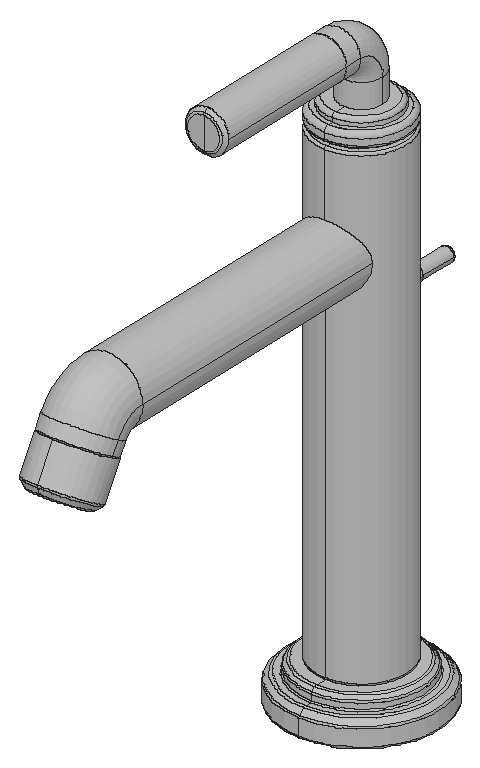
Revit family "Faucet-Lavatory-KALLISTA-PINNA_PALETTA-P26623", category Plumbing Fixtures, host Face, Revit 2022 (continued)
Definition of nested family "P26623"
  Lines and regions (in)
    symbolic lines, detail levels medium+fine
      curve 261: line (0, -2.59672, 0) -> (0.18988, -2.92561, 0)
      curve 262: line (0, -2.62192, 0) -> (0.17533, -2.92561, 0)
      curve 263: line (0, -2.65193, 0) -> (0.158, -2.92561, 0)
      curve 264: line (0, -2.67954, 0) -> (0.14206, -2.92561, 0)
      curve 265: line (0, -2.71155, 0) -> (0.12358, -2.92561, 0)
      curve 266: line (0, -2.74156, 0) -> (0.10626, -2.92561, 0)
      curve 267: line (0, -2.76757, 0) -> (0.09124, -2.92561, 0)
      curve 268: line (0, -2.79758, 0) -> (0.07391, -2.92561, 0)
      curve 269: line (0, -2.82482, 0) -> (0.05819, -2.92561, 0)
      curve 270: line (0.33465, 0, 0) -> (0.33465, -2.92561, 0)
      curve 271: line (-0.50339, -5.54417, 0) -> (-0.53001, -5.5708, 0)
      curve 272: line (-0.49649, -5.56467, 0) -> (-0.53001, -5.59819, 0)
      curve 273: line (-0.48946, -5.58314, 0) -> (-0.53001, -5.62369, 0)
      curve 274: line (-0.48138, -5.60216, 0) -> (-0.53001, -5.65079, 0)
      curve 275: line (-0.47277, -5.62042, 0) -> (-0.53001, -5.67767, 0)
      curve 276: line (-0.46463, -5.63618, 0) -> (-0.52825, -5.69981, 0)
      curve 277: line (-0.45417, -5.65473, 0) -> (-0.52551, -5.72607, 0)
      curve 278: line (-0.44349, -5.67203, 0) -> (-0.52181, -5.75035, 0)
      curve 279: line (-0.35775, -5.77404, 0) -> (-0.47546, -5.89175, 0)
      curve 280: line (-0.37174, -5.76064, 0) -> (-0.48418, -5.87308, 0)
      curve 281: line (-0.38432, -5.74772, 0) -> (-0.49176, -5.85516, 0)
      curve 282: line (-0.39721, -5.7335, 0) -> (-0.49922, -5.83551, 0)
      curve 283: line (-0.4095, -5.71892, 0) -> (-0.50597, -5.81539, 0)
      curve 284: line (-0.42002, -5.70553, 0) -> (-0.51138, -5.7969, 0)
      curve 285: line (-0.43225, -5.68877, 0) -> (-0.51714, -5.77366, 0)
      curve 286: line (-0.44349, -5.67203, 0) -> (-0.52181, -5.75035, 0)
      curve 287: line (-0.1104, -5.90219, 0) -> (-0.30161, -6.09339, 0)
      curve 288: line (-0.13255, -5.89694, 0) -> (-0.31752, -6.08192, 0)
      curve 289: line (-0.15246, -5.89136, 0) -> (-0.33189, -6.07078, 0)
      curve 290: line (-0.17293, -5.88472, 0) -> (-0.34668, -6.05847, 0)
      curve 291: line (-0.19255, -5.87747, 0) -> (-0.36087, -6.04578, 0)
      curve 292: line (-0.20948, -5.8705, 0) -> (-0.37307, -6.03409, 0)
      curve 293: line (-0.22937, -5.86139, 0) -> (-0.38735, -6.01937, 0)
      curve 294: line (-0.25574, -5.85978, 0) -> (-0.33406, -5.9381, 0)
      curve 295: line (-0.35775, -5.77404, 0) -> (-0.47546, -5.89175, 0)
      curve 296: line (-0.34325, -5.78693, 0) -> (-0.46615, -5.90983, 0)
      curve 297: line (-0.3293, -5.79848, 0) -> (-0.45696, -5.92614, 0)
      curve 298: line (-0.31398, -5.81026, 0) -> (-0.44665, -5.94293, 0)
      curve 299: line (-0.29829, -5.82144, 0) -> (-0.43589, -5.95905, 0)
      curve 300: line (-0.2839, -5.83096, 0) -> (-0.42592, -5.97297, 0)
      curve 301: line (-0.2659, -5.84196, 0) -> (-0.41329, -5.98935, 0)
      curve 302: line (-0.24794, -5.85197, 0) -> (-0.40058, -6.00462, 0)
      curve 303: line (-0.1104, -5.90219, 0) -> (-0.30161, -6.09339, 0)
      curve 304: line (-0.0874, -5.90658, 0) -> (-0.28517, -6.10435, 0)
      curve 305: line (-0.06515, -5.90983, 0) -> (-0.26938, -6.11406, 0)
      curve 306: line (-0.04053, -5.91231, 0) -> (-0.25206, -6.12384, 0)
      curve 307: line (-0.015, -5.91365, 0) -> (-0.23432, -6.13298, 0)
      curve 308: line (0, -5.92256, 0) -> (-0.21807, -6.14063, 0)
      curve 309: line (0, -5.95156, 0) -> (-0.19774, -6.1493, 0)
      curve 310: line (-0.06799, -6.04753, 0) -> (-0.14631, -6.12585, 0)
      curve 311: line (0, -6.16729, 0) -> (-0.01995, -6.18724, 0)
      curve 312: line (0, -6.13989, 0) -> (-0.04571, -6.18561, 0)
      curve 313: line (0, -6.1144, 0) -> (-0.0687, -6.1831, 0)
      curve 314: line (0, -6.0873, 0) -> (-0.09221, -6.1795, 0)
      curve 315: line (0, -6.06042, 0) -> (-0.11464, -6.17506, 0)
      curve 316: line (0, -6.03652, 0) -> (-0.13391, -6.17043, 0)
      curve 317: line (0, -6.00752, 0) -> (-0.15647, -6.16399, 0)
      curve 318: line (0, -5.97954, 0) -> (-0.17746, -6.15699, 0)
      curve 319: line (0.50339, -5.54417, 0) -> (0.53001, -5.5708, 0)
      curve 320: line (0.49649, -5.56467, 0) -> (0.53001, -5.59819, 0)
      curve 321: line (0.48946, -5.58314, 0) -> (0.53001, -5.62369, 0)
      curve 322: line (0.48138, -5.60216, 0) -> (0.53001, -5.65079, 0)
      curve 323: line (0.47277, -5.62042, 0) -> (0.53001, -5.67767, 0)
      curve 324: line (0.46463, -5.63618, 0) -> (0.52825, -5.69981, 0)
      curve 325: line (0.45417, -5.65473, 0) -> (0.52551, -5.72607, 0)
      curve 326: line (0.44349, -5.67203, 0) -> (0.52181, -5.75035, 0)
      curve 327: line (0.35775, -5.77404, 0) -> (0.47546, -5.89175, 0)
      curve 328: line (0.37174, -5.76064, 0) -> (0.48418, -5.87308, 0)
      curve 329: line (0.38432, -5.74772, 0) -> (0.49176, -5.85516, 0)
      curve 330: line (0.39721, -5.7335, 0) -> (0.49922, -5.83551, 0)
      curve 331: line (0.4095, -5.71892, 0) -> (0.50597, -5.81539, 0)
      curve 332: line (0.42002, -5.70553, 0) -> (0.51138, -5.7969, 0)
      curve 333: line (0.43225, -5.68877, 0) -> (0.51714, -5.77366, 0)
      curve 334: line (0.44349, -5.67203, 0) -> (0.52181, -5.75035, 0)
      curve 335: line (0.1104, -5.90219, 0) -> (0.30161, -6.09339, 0)
      curve 336: line (0.13255, -5.89694, 0) -> (0.31752, -6.08192, 0)
      curve 337: line (0.15246, -5.89136, 0) -> (0.33189, -6.07078, 0)
      curve 338: line (0.17293, -5.88472, 0) -> (0.34668, -6.05847, 0)
      curve 339: line (0.19255, -5.87747, 0) -> (0.36087, -6.04578, 0)
      curve 340: line (0.20948, -5.8705, 0) -> (0.37307, -6.03409, 0)
      curve 341: line (0.22937, -5.86139, 0) -> (0.38735, -6.01937, 0)
      curve 342: line (0.25574, -5.85978, 0) -> (0.33406, -5.9381, 0)
      curve 343: line (0.35775, -5.77404, 0) -> (0.47546, -5.89175, 0)
      curve 344: line (0.34325, -5.78693, 0) -> (0.46615, -5.90983, 0)
      curve 345: line (0.3293, -5.79848, 0) -> (0.45696, -5.92614, 0)
      curve 346: line (0.31398, -5.81026, 0) -> (0.44665, -5.94293, 0)
      curve 347: line (0.29829, -5.82144, 0) -> (0.43589, -5.95905, 0)
      curve 348: line (0.2839, -5.83096, 0) -> (0.42592, -5.97297, 0)
      curve 349: line (0.2659, -5.84196, 0) -> (0.41329, -5.98935, 0)
      curve 350: line (0.24794, -5.85197, 0) -> (0.40058, -6.00462, 0)
      curve 351: line (0.1104, -5.90219, 0) -> (0.30161, -6.09339, 0)
      curve 352: line (0.0874, -5.90658, 0) -> (0.28517, -6.10435, 0)
      curve 353: line (0.06515, -5.90983, 0) -> (0.26938, -6.11406, 0)
      curve 354: line (0.04053, -5.91231, 0) -> (0.25206, -6.12384, 0)
      curve 355: line (0.015, -5.91365, 0) -> (0.23432, -6.13298, 0)
      curve 356: line (0, -5.92256, 0) -> (0.21807, -6.14063, 0)
      curve 357: line (0, -5.95156, 0) -> (0.19774, -6.1493, 0)
      curve 358: line (0.06799, -6.04753, 0) -> (0.14631, -6.12585, 0)
      curve 359: line (0, -6.16729, 0) -> (0.01995, -6.18724, 0)
      curve 360: line (0, -6.13989, 0) -> (0.04571, -6.18561, 0)
      curve 361: line (0, -6.1144, 0) -> (0.0687, -6.1831, 0)
      curve 362: line (0, -6.0873, 0) -> (0.09221, -6.1795, 0)
      curve 363: line (0, -6.06042, 0) -> (0.11464, -6.17506, 0)
      curve 364: line (0, -6.03652, 0) -> (0.13391, -6.17043, 0)
      curve 365: line (0, -6.00752, 0) -> (0.15647, -6.16399, 0)
      curve 366: line (0, -5.97954, 0) -> (0.17746, -6.15699, 0)
      curve 367: line (-0.51144, 0, 5.94752) -> (-0.52756, 0, 5.91961)
      curve 368: line (-0.494, 0, 5.95691) -> (-0.52756, 0, 5.89879)
      curve 369: line (-0.47667, 0, 5.96584) -> (-0.52756, 0, 5.87769)
      curve 370: line (-0.45735, 0, 5.97531) -> (-0.52756, 0, 5.8537)
      curve 371: line (-0.43835, 0, 5.98416) -> (-0.52756, 0, 5.82965)
      curve 372: line (-0.41891, 0, 5.99275) -> (-0.52756, 0, 5.80457)
      curve 373: line (-0.39951, 0, 6.00087) -> (-0.52756, 0, 5.77908)
      curve 374: line (-0.38144, 0, 6.00802) -> (-0.52756, 0, 5.75494)
      curve 375: line (-0.26479, 0, 6.04541) -> (-0.52756, 0, 5.59028)
      curve 376: line (-0.27898, 0, 6.04165) -> (-0.52756, 0, 5.6111)
      curve 377: line (-0.29352, 0, 6.03757) -> (-0.52756, 0, 5.6322)
      curve 378: line (-0.31023, 0, 6.03261) -> (-0.52756, 0, 5.65619)
      curve 379: line (-0.32721, 0, 6.02726) -> (-0.52756, 0, 5.68024)
      curve 380: line (-0.34515, 0, 6.02126) -> (-0.52756, 0, 5.70532)
      curve 381: line (-0.36366, 0, 6.0147) -> (-0.52756, 0, 5.73081)
      curve 382: line (-0.38144, 0, 6.00802) -> (-0.52756, 0, 5.75494)
      curve 383: line (-0.09371, 0, 6.07485) -> (-0.42041, 0, 5.50899)
      curve 384: line (-0.1066, 0, 6.07363) -> (-0.44119, 0, 5.49411)
      curve 385: line (-0.12137, 0, 6.07203) -> (-0.46889, 0, 5.47011)
      curve 386: line (-0.13631, 0, 6.0702) -> (-0.50927, 0, 5.42423)
      curve 387: line (-0.15204, 0, 6.06804) -> (-0.52756, 0, 5.41763)
      curve 388: line (-0.16818, 0, 6.06558) -> (-0.52756, 0, 5.44312)
      curve 389: line (-0.18361, 0, 6.06298) -> (-0.40298, 0, 5.68302)
      curve 390: line (-0.27898, 0, 6.04165) -> (-0.52756, 0, 5.6111)
      curve 391: line (-0.27524, 0, 6.02702) -> (-0.50928, 0, 5.62165)
      curve 392: line (-0.24842, 0, 6.04949) -> (-0.52756, 0, 5.56601)
      curve 393: line (-0.23238, 0, 6.05323) -> (-0.52756, 0, 5.54196)
      curve 394: line (-0.21583, 0, 6.0568) -> (-0.52756, 0, 5.51688)
      curve 395: line (-0.1992, 0, 6.06012) -> (-0.52756, 0, 5.49139)
      curve 396: line (-0.18361, 0, 6.06298) -> (-0.52756, 0, 5.46725)
      curve 397: line (-0.03367, 0, 5.91197) -> (-0.21933, 0, 5.59041)
      curve 398: line (-0.02983, 0, 5.8978) -> (-0.20554, 0, 5.59348)
      curve 399: line (0, 0, 5.92837) -> (-0.19171, 0, 5.59632)
      curve 400: line (0, 0, 5.90438) -> (-0.17618, 0, 5.59924)
      curve 401: line (0, 0, 5.88034) -> (-0.16078, 0, 5.60186)
      curve 402: line (0, 0, 5.85525) -> (-0.14489, 0, 5.60429)
      curve 403: line (0, 0, 5.82976) -> (-0.12892, 0, 5.60646)
      curve 404: line (-0.09371, 0, 6.07485) -> (-0.42041, 0, 5.50899)
      curve 405: line (-0.08092, 0, 6.07591) -> (-0.4013, 0, 5.52099)
      curve 406: line (-0.06649, 0, 6.07691) -> (-0.38086, 0, 5.53242)
      curve 407: line (-0.05214, 0, 6.07772) -> (-0.36133, 0, 5.54219)
      curve 408: line (-0.0373, 0, 6.07834) -> (-0.34173, 0, 5.55104)
      curve 409: line (-0.02234, 0, 6.07876) -> (-0.32246, 0, 5.55894)
      curve 410: line (-0.05904, 0, 5.99106) -> (-0.27841, 0, 5.6111)
      curve 411: line (0, 0, 5.94947) -> (-0.20554, 0, 5.59348)
      curve 412: line (0, 0, 5.97058) -> (-0.21951, 0, 5.59037)
      curve 413: line (0, 0, 5.99456) -> (-0.23561, 0, 5.58648)
      curve 414: line (0, 0, 6.01861) -> (-0.25198, 0, 5.58216)
      curve 415: line (0, 0, 6.0437) -> (-0.26935, 0, 5.57718)
      curve 416: line (0, 0, 6.06919) -> (-0.28732, 0, 5.57153)
      curve 417: line (-0.00829, 0, 6.07897) -> (-0.30469, 0, 5.56558)
      curve 418: line (0, 0, 5.71005) -> (-0.05601, 0, 5.61304)
      curve 419: line (0, 0, 5.73115) -> (-0.06863, 0, 5.61228)
      curve 420: line (0, 0, 5.75514) -> (-0.08309, 0, 5.61122)
      curve 421: line (0, 0, 5.77919) -> (-0.09772, 0, 5.60993)
      curve 422: line (0, 0, 5.80427) -> (-0.11312, 0, 5.60834)
      curve 423: line (0, 0, 5.82976) -> (-0.12892, 0, 5.60646)
      curve 424: line (0, 0, 5.68894) -> (-0.04348, 0, 5.61364)
      curve 425: line (0, 0, 5.66496) -> (-0.02934, 0, 5.61413)
      curve 426: line (0, 0, 5.64091) -> (-0.01529, 0, 5.61443)
      curve 427: line (0.51144, 0, 5.94752) -> (0.52756, 0, 5.91961)
      curve 428: line (0.494, 0, 5.95691) -> (0.52756, 0, 5.89879)
      curve 429: line (0.47667, 0, 5.96584) -> (0.52756, 0, 5.87769)
      curve 430: line (0.45735, 0, 5.97531) -> (0.52756, 0, 5.8537)
      curve 431: line (0.43835, 0, 5.98416) -> (0.52756, 0, 5.82965)
      curve 432: line (0.41891, 0, 5.99275) -> (0.52756, 0, 5.80457)
      curve 433: line (0.39951, 0, 6.00087) -> (0.52756, 0, 5.77908)
      curve 434: line (0.38144, 0, 6.00802) -> (0.52756, 0, 5.75494)
      curve 435: line (0.26479, 0, 6.04541) -> (0.52756, 0, 5.59028)
      curve 436: line (0.27898, 0, 6.04165) -> (0.52756, 0, 5.6111)
      curve 437: line (0.29352, 0, 6.03757) -> (0.52756, 0, 5.6322)
      curve 438: line (0.31023, 0, 6.03261) -> (0.52756, 0, 5.65619)
      curve 439: line (0.32721, 0, 6.02726) -> (0.52756, 0, 5.68024)
      curve 440: line (0.34515, 0, 6.02126) -> (0.52756, 0, 5.70532)
      curve 441: line (0.36366, 0, 6.0147) -> (0.52756, 0, 5.73081)
      curve 442: line (0.38144, 0, 6.00802) -> (0.52756, 0, 5.75494)
      curve 443: line (0.09371, 0, 6.07485) -> (0.42041, 0, 5.50899)
      curve 444: line (0.1066, 0, 6.07363) -> (0.44119, 0, 5.49411)
      curve 445: line (0.12137, 0, 6.07203) -> (0.46889, 0, 5.47011)
      curve 446: line (0.13631, 0, 6.0702) -> (0.50927, 0, 5.42423)
      curve 447: line (0.15204, 0, 6.06804) -> (0.52756, 0, 5.41763)
      curve 448: line (0.16818, 0, 6.06558) -> (0.52756, 0, 5.44312)
      curve 449: line (0.18361, 0, 6.06298) -> (0.40298, 0, 5.68302)
      curve 450: line (0.27898, 0, 6.04165) -> (0.52756, 0, 5.6111)
      curve 451: line (0.27524, 0, 6.02702) -> (0.50928, 0, 5.62165)
      curve 452: line (0.24842, 0, 6.04949) -> (0.52756, 0, 5.56601)
      curve 453: line (0.23238, 0, 6.05323) -> (0.52756, 0, 5.54196)
      curve 454: line (0.21583, 0, 6.0568) -> (0.52756, 0, 5.51688)
      curve 455: line (0.1992, 0, 6.06012) -> (0.52756, 0, 5.49139)
      curve 456: line (0.18361, 0, 6.06298) -> (0.52756, 0, 5.46725)
      curve 457: line (0.03367, 0, 5.91197) -> (0.21933, 0, 5.59041)
      curve 458: line (0.02983, 0, 5.8978) -> (0.20554, 0, 5.59348)
      curve 459: line (0, 0, 5.92837) -> (0.19171, 0, 5.59632)
      curve 460: line (0, 0, 5.90438) -> (0.17618, 0, 5.59924)
      curve 461: line (0, 0, 5.88034) -> (0.16078, 0, 5.60186)
      curve 462: line (0, 0, 5.85525) -> (0.14489, 0, 5.60429)
      curve 463: line (0, 0, 5.82976) -> (0.12892, 0, 5.60646)
      curve 464: line (0.09371, 0, 6.07485) -> (0.42041, 0, 5.50899)
      curve 465: line (0.08092, 0, 6.07591) -> (0.4013, 0, 5.52099)
      curve 466: line (0.06649, 0, 6.07691) -> (0.38086, 0, 5.53242)
      curve 467: line (0.05214, 0, 6.07772) -> (0.36133, 0, 5.54219)
      curve 468: line (0.0373, 0, 6.07834) -> (0.34173, 0, 5.55104)
      curve 469: line (0.02234, 0, 6.07876) -> (0.32246, 0, 5.55894)
      curve 470: line (0.05904, 0, 5.99106) -> (0.27841, 0, 5.6111)
      curve 471: line (0, 0, 5.94947) -> (0.20554, 0, 5.59348)
      curve 472: line (0, 0, 5.97058) -> (0.21951, 0, 5.59037)
      curve 473: line (0, 0, 5.99456) -> (0.23561, 0, 5.58648)
      curve 474: line (0, 0, 6.01861) -> (0.25198, 0, 5.58216)
      curve 475: line (0, 0, 6.0437) -> (0.26935, 0, 5.57718)
      curve 476: line (0, 0, 6.06919) -> (0.28732, 0, 5.57153)
      curve 477: line (0.00829, 0, 6.07897) -> (0.30469, 0, 5.56558)
      curve 478: line (0, 0, 5.71005) -> (0.05601, 0, 5.61304)
      curve 479: line (0, 0, 5.73115) -> (0.06863, 0, 5.61228)
      curve 480: line (0, 0, 5.75514) -> (0.08309, 0, 5.61122)
      curve 481: line (0, 0, 5.77919) -> (0.09772, 0, 5.60993)
      curve 482: line (0, 0, 5.80427) -> (0.11312, 0, 5.60834)
      curve 483: line (0, 0, 5.82976) -> (0.12892, 0, 5.60646)
      curve 484: line (0, 0, 5.68894) -> (0.04348, 0, 5.61364)
      curve 485: line (0, 0, 5.66496) -> (0.02934, 0, 5.61413)
      curve 486: line (0, 0, 5.64091) -> (0.01529, 0, 5.61443)
      curve 487: arc (0.28188, 0, 5.12062) -> (0.35375, 0, 5.22585) -> (0.30689, 0, 5.34435) r 0.13591
      curve 488: arc (-0.29962, 0, 5.13177) -> (-0.35451, 0, 5.2363) -> (-0.30689, 0, 5.34435) r 0.13591
      curve 489: arc (-0.30689, 0, 5.34435) -> (0, 0, 5.41406) -> (0.30689, 0, 5.34435) r 0.71033
      curve 490: arc (-0.21485, 0, 5.16684) -> (0.02315, 0, 5.10981) -> (0.258, 0, 5.17866) r 0.47566
      curve 491: arc (0.258, 0, 5.17866) -> (0.30963, 0, 5.28053) -> (0.24109, 0, 5.37189) r 0.10814
      curve 492: arc (-0.21485, 0, 5.16684) -> (-0.27864, 0, 5.27381) -> (-0.21485, 0, 5.38079) r 0.12159
      curve 493: line (-0.13399, 0, 5.39465) -> (-0.09563, 0, 5.40163)
      curve 494: line (-0.07145, 0, 5.36841) -> (-0.10981, 0, 5.36143)
      curve 495: line (-0.03793, 0, 5.39694) -> (-0.00521, 0, 5.40289)
      curve 496: line (-0.01939, 0, 5.35346) -> (-0.05066, 0, 5.36658)
      curve 497: line (0.01897, 0, 5.36044) -> (-0.01939, 0, 5.35346)
      curve 498: line (-0.00521, 0, 5.40289) -> (0.03049, 0, 5.38791)
      curve 499: line (-0.18479, 0, 5.35978) -> (-0.14642, 0, 5.36676)
      curve 500: line (-0.1606, 0, 5.31579) -> (-0.19363, 0, 5.32965)
      curve 501: line (-0.12432, 0, 5.32239) -> (-0.1606, 0, 5.31579)
      curve 502: line (-0.14642, 0, 5.36676) -> (-0.11515, 0, 5.35364)
      curve 503: line (-0.22531, 0, 5.30863) -> (-0.18868, 0, 5.31529)
      curve 504: line (-0.18868, 0, 5.31529) -> (-0.15741, 0, 5.30217)
      curve 505: line (-0.0717, 0, 5.08376) -> (-0.0717, 0, 5.11695)
      curve 506: line (0.07149, 0, 5.11349) -> (0.07149, 0, 5.08373)
      curve 507: line (0.15592, 0, 5.0932) -> (0.15592, 0, 5.13219)
      curve 508: line (0.29286, 0, 5.21262) -> (0.29286, 0, 5.12614)
      curve 509: line (-0.17522, 0, 5.14773) -> (-0.19483, 0, 5.101)
      curve 510: line (-0.23745, 0, 5.27969) -> (-0.2084, 0, 5.26751)
      curve 511: line (-0.2084, 0, 5.26751) -> (-0.16894, 0, 5.27469)
      curve 512: line (-0.15741, 0, 5.30217) -> (-0.16894, 0, 5.27469)
      curve 513: line (-0.23745, 0, 5.27969) -> (-0.22531, 0, 5.30863)
      curve 514: line (-0.18479, 0, 5.35978) -> (-0.19363, 0, 5.32965)
      curve 515: line (-0.11515, 0, 5.35364) -> (-0.12432, 0, 5.32239)
      curve 516: line (-0.13399, 0, 5.39465) -> (-0.10981, 0, 5.36143)
      curve 517: line (-0.07145, 0, 5.36841) -> (-0.05888, 0, 5.39836)
      curve 518: line (-0.09563, 0, 5.40163) -> (-0.05888, 0, 5.39836)
      curve 519: line (-0.05066, 0, 5.36658) -> (-0.03793, 0, 5.39694)
      curve 520: line (0.01897, 0, 5.36044) -> (0.03049, 0, 5.38791)
      curve 521: line (-0.09759, 0, 5.34285) -> (-0.06096, 0, 5.34952)
      curve 522: line (-0.06096, 0, 5.34952) -> (-0.02969, 0, 5.3364)
      curve 523: line (-0.10973, 0, 5.31392) -> (-0.08069, 0, 5.30173)
      curve 524: line (-0.10973, 0, 5.31392) -> (-0.09759, 0, 5.34285)
      curve 525: line (-0.02969, 0, 5.3364) -> (-0.0434, 0, 5.30372)
      curve 526: line (-0.0434, 0, 5.30372) -> (-0.08069, 0, 5.30173)
      curve 527: line (-0.00013, 0, 5.33432) -> (0.03649, 0, 5.34099)
      curve 528: line (0.03649, 0, 5.34099) -> (0.06776, 0, 5.32787)
      curve 529: line (-0.01227, 0, 5.30539) -> (0.01677, 0, 5.2932)
      curve 530: line (-0.01227, 0, 5.30539) -> (-0.00013, 0, 5.33432)
      curve 531: line (0.06776, 0, 5.32787) -> (0.05405, 0, 5.2952)
      curve 532: line (0.05405, 0, 5.2952) -> (0.01677, 0, 5.2932)
      curve 533: line (0.05734, 0, 5.3918) -> (0.09397, 0, 5.39847)
      curve 534: line (0.09397, 0, 5.39847) -> (0.12524, 0, 5.38535)
      curve 535: line (0.04521, 0, 5.36287) -> (0.07425, 0, 5.35068)
      curve 536: line (0.04521, 0, 5.36287) -> (0.05734, 0, 5.3918)
      curve 537: line (0.12524, 0, 5.38535) -> (0.11153, 0, 5.35267)
      curve 538: line (0.11153, 0, 5.35267) -> (0.07425, 0, 5.35068)
      curve 539: line (0.09307, 0, 5.32993) -> (0.12969, 0, 5.3366)
      curve 540: line (0.12969, 0, 5.3366) -> (0.16096, 0, 5.32348)
      curve 541: line (0.08093, 0, 5.301) -> (0.10997, 0, 5.28881)
      curve 542: line (0.08093, 0, 5.301) -> (0.09307, 0, 5.32993)
      curve 543: line (0.16096, 0, 5.32348) -> (0.14725, 0, 5.2908)
      curve 544: line (0.14725, 0, 5.2908) -> (0.10997, 0, 5.28881)
      curve 545: line (0.18927, 0, 5.33835) -> (0.2259, 0, 5.34501)
      curve 546: line (0.2259, 0, 5.34501) -> (0.25717, 0, 5.33189)
      curve 547: line (0.17713, 0, 5.30941) -> (0.20618, 0, 5.29723)
      curve 548: line (0.17713, 0, 5.30941) -> (0.18927, 0, 5.33835)
      curve 549: line (0.25717, 0, 5.33189) -> (0.24346, 0, 5.29922)
      curve 550: line (0.24346, 0, 5.29922) -> (0.20618, 0, 5.29723)
      curve 551: line (0.1705, 0, 5.26827) -> (0.20712, 0, 5.27494)
      curve 552: line (0.20712, 0, 5.27494) -> (0.23839, 0, 5.26182)
      curve 553: line (0.15836, 0, 5.23934) -> (0.1874, 0, 5.22715)
      curve 554: line (0.15836, 0, 5.23934) -> (0.1705, 0, 5.26827)
      curve 555: line (0.23839, 0, 5.26182) -> (0.22468, 0, 5.22914)
      curve 556: line (0.22468, 0, 5.22914) -> (0.1874, 0, 5.22715)
      curve 557: line (0.06618, 0, 5.26827) -> (0.1028, 0, 5.27494)
      curve 558: line (0.1028, 0, 5.27494) -> (0.13407, 0, 5.26182)
      curve 559: line (0.05404, 0, 5.23934) -> (0.08308, 0, 5.22715)
      curve 560: line (0.05404, 0, 5.23934) -> (0.06618, 0, 5.26827)
      curve 561: line (0.13407, 0, 5.26182) -> (0.12037, 0, 5.22914)
      curve 562: line (0.12037, 0, 5.22914) -> (0.08308, 0, 5.22715)
      curve 563: line (-0.04103, 0, 5.26827) -> (-0.0044, 0, 5.27494)
      curve 564: line (-0.0044, 0, 5.27494) -> (0.02687, 0, 5.26182)
      curve 565: line (-0.05317, 0, 5.23934) -> (-0.02412, 0, 5.22715)
      curve 566: line (-0.05317, 0, 5.23934) -> (-0.04103, 0, 5.26827)
      curve 567: line (0.02687, 0, 5.26182) -> (0.01316, 0, 5.22914)
      curve 568: line (0.01316, 0, 5.22914) -> (-0.02412, 0, 5.22715)
      curve 569: line (-0.13968, 0, 5.26827) -> (-0.10306, 0, 5.27494)
      curve 570: line (-0.10306, 0, 5.27494) -> (-0.07179, 0, 5.26182)
      curve 571: line (-0.15182, 0, 5.23934) -> (-0.12278, 0, 5.22715)
      curve 572: line (-0.15182, 0, 5.23934) -> (-0.13968, 0, 5.26827)
      curve 573: line (-0.07179, 0, 5.26182) -> (-0.08549, 0, 5.22914)
      curve 574: line (-0.08549, 0, 5.22914) -> (-0.12278, 0, 5.22715)
      curve 575: line (-0.15164, 0, 5.20046) -> (-0.11501, 0, 5.20713)
      curve 576: line (-0.11501, 0, 5.20713) -> (-0.08374, 0, 5.19401)
      curve 577: line (-0.16378, 0, 5.17153) -> (-0.13474, 0, 5.15934)
      curve 578: line (-0.16378, 0, 5.17153) -> (-0.15164, 0, 5.20046)
      curve 579: line (-0.08374, 0, 5.19401) -> (-0.09745, 0, 5.16133)
      curve 580: line (-0.09745, 0, 5.16133) -> (-0.13474, 0, 5.15934)
      curve 581: line (-0.05484, 0, 5.20046) -> (-0.01821, 0, 5.20713)
      curve 582: line (-0.01821, 0, 5.20713) -> (0.01306, 0, 5.19401)
      curve 583: line (-0.06698, 0, 5.17153) -> (-0.03794, 0, 5.15934)
      curve 584: line (-0.06698, 0, 5.17153) -> (-0.05484, 0, 5.20046)
      curve 585: line (0.01306, 0, 5.19401) -> (-0.00065, 0, 5.16133)
      curve 586: line (-0.00065, 0, 5.16133) -> (-0.03794, 0, 5.15934)
      curve 587: line (0.04118, 0, 5.20046) -> (0.07781, 0, 5.20713)
      curve 588: line (0.07781, 0, 5.20713) -> (0.10908, 0, 5.19401)
      curve 589: line (0.02905, 0, 5.17153) -> (0.05809, 0, 5.15934)
      curve 590: line (0.02905, 0, 5.17153) -> (0.04118, 0, 5.20046)
      curve 591: line (0.10908, 0, 5.19401) -> (0.09537, 0, 5.16133)
      curve 592: line (0.09537, 0, 5.16133) -> (0.05809, 0, 5.15934)
      curve 593: line (0.13655, 0, 5.20046) -> (0.17317, 0, 5.20713)
      curve 594: line (0.17317, 0, 5.20713) -> (0.20445, 0, 5.19401)
      curve 595: line (0.12441, 0, 5.17153) -> (0.15345, 0, 5.15934)
      curve 596: line (0.12441, 0, 5.17153) -> (0.13655, 0, 5.20046)
      curve 597: line (0.20445, 0, 5.19401) -> (0.19074, 0, 5.16133)
      curve 598: line (0.19074, 0, 5.16133) -> (0.15345, 0, 5.15934)
      curve 599: line (-0.22639, 0, 5.23861) -> (-0.18977, 0, 5.24527)
      curve 600: line (-0.18977, 0, 5.24527) -> (-0.1585, 0, 5.23215)
      curve 601: line (-0.23853, 0, 5.20967) -> (-0.20949, 0, 5.19749)
      curve 602: line (-0.23853, 0, 5.20967) -> (-0.22639, 0, 5.23861)
      curve 603: line (-0.1585, 0, 5.23215) -> (-0.17221, 0, 5.19948)
      curve 604: line (-0.17221, 0, 5.19948) -> (-0.20949, 0, 5.19749)
      curve 605: line (-0.31711, 0, 5.14723) -> (-0.24439, 0, 5.18921)
      curve 606: line (-0.3501, 0, 5.20628) -> (-0.27043, 0, 5.23415)
      curve 607: line (-0.32909, 0, 5.32021) -> (-0.26945, 0, 5.32021)
      curve 608: line (0.30963, 0, 5.28053) -> (0.3487, 0, 5.28053)
      curve 609: line (0, -0.69685, 8.70079) -> (0, -0.69685, 9.37008)
      curve 610: line (0, -0.69685, 9.03543) -> (0, -2.92561, 9.03543)
      curve 611: line (0, -0.69685, 9.00163) -> (0, -0.73066, 9.03543)
      curve 612: line (0, -0.69685, 8.97976) -> (0, -0.75252, 9.03543)
      curve 613: line (0, -0.69685, 8.95923) -> (0, -0.77305, 9.03543)
      curve 614: line (0, -0.69685, 8.94116) -> (0, -0.79112, 9.03543)
      curve 615: line (0, -0.69685, 8.92145) -> (0, -0.81083, 9.03543)
      curve 616: line (0, -0.69685, 8.9001) -> (0, -0.83219, 9.03543)
      curve 617: line (0, -0.69685, 8.88039) -> (0, -0.8519, 9.03543)
      curve 618: line (0, -0.69685, 8.85986) -> (0, -0.87243, 9.03543)
      curve 619: line (0, -0.69685, 8.84179) -> (0, -0.89049, 9.03543)
      curve 620: line (0, -0.69685, 8.82372) -> (0, -0.90856, 9.03543)
      curve 621: line (0, -0.69685, 8.80401) -> (0, -0.92827, 9.03543)
      curve 622: line (0, -0.69685, 8.78512) -> (0, -0.94716, 9.03543)
      curve 623: line (0, -0.69685, 8.76377) -> (0, -0.96851, 9.03543)
      curve 624: line (0, -0.69685, 8.7457) -> (0, -0.98658, 9.03543)
      curve 625: line (0, -0.69685, 8.72435) -> (0, -1.00793, 9.03543)
      curve 626: line (0, -0.69685, 8.70079) -> (0, -1.0315, 9.03543)
      curve 627: line (0, -0.99769, 8.70079) -> (0, -1.33233, 9.03543)
      curve 628: line (0, -0.97582, 8.70079) -> (0, -1.31047, 9.03543)
      curve 629: line (0, -0.95529, 8.70079) -> (0, -1.28994, 9.03543)
      curve 630: line (0, -0.93722, 8.70079) -> (0, -1.27187, 9.03543)
      curve 631: line (0, -0.91751, 8.70079) -> (0, -1.25216, 9.03543)
      curve 632: line (0, -0.89616, 8.70079) -> (0, -1.23081, 9.03543)
      curve 633: line (0, -0.87645, 8.70079) -> (0, -1.2111, 9.03543)
      curve 634: line (0, -0.85592, 8.70079) -> (0, -1.19057, 9.03543)
      curve 635: line (0, -0.83785, 8.70079) -> (0, -1.1725, 9.03543)
      curve 636: line (0, -0.81978, 8.70079) -> (0, -1.15443, 9.03543)
      curve 637: line (0, -0.80007, 8.70079) -> (0, -1.13472, 9.03543)
      curve 638: line (0, -0.78119, 8.70079) -> (0, -1.11583, 9.03543)
      curve 639: line (0, -0.75983, 8.70079) -> (0, -1.09448, 9.03543)
      curve 640: line (0, -0.74176, 8.70079) -> (0, -1.07641, 9.03543)
      curve 641: line (0, -0.72041, 8.70079) -> (0, -1.05506, 9.03543)
      curve 642: line (0, -0.69685, 8.70079) -> (0, -1.0315, 9.03543)
      curve 643: line (0, -1.5775, 8.70079) -> (0, -1.91214, 9.03543)
      curve 644: line (0, -1.55697, 8.70079) -> (0, -1.89161, 9.03543)
      curve 645: line (0, -1.5389, 8.70079) -> (0, -1.87355, 9.03543)
      curve 646: line (0, -1.51919, 8.70079) -> (0, -1.85384, 9.03543)
      curve 647: line (0, -1.49784, 8.70079) -> (0, -1.83248, 9.03543)
      curve 648: line (0, -1.47813, 8.70079) -> (0, -1.81277, 9.03543)
      curve 649: line (0, -1.4576, 8.70079) -> (0, -1.79224, 9.03543)
      curve 650: line (0, -1.43953, 8.70079) -> (0, -1.77417, 9.03543)
      curve 651: line (0, -1.42146, 8.70079) -> (0, -1.75611, 9.03543)
      curve 652: line (0, -1.40175, 8.70079) -> (0, -1.7364, 9.03543)
      curve 653: line (0, -1.38286, 8.70079) -> (0, -1.71751, 9.03543)
      curve 654: line (0, -1.36151, 8.70079) -> (0, -1.69615, 9.03543)
      curve 655: line (0, -1.34344, 8.70079) -> (0, -1.67809, 9.03543)
      curve 656: line (0, -1.32209, 8.70079) -> (0, -1.65673, 9.03543)
      curve 657: line (0, -1.29853, 8.70079) -> (0, -1.63317, 9.03543)
      curve 658: line (0, -0.99769, 8.70079) -> (0, -1.33233, 9.03543)
      curve 659: line (0, -1.01955, 8.70079) -> (0, -1.3542, 9.03543)
      curve 660: line (0, -1.04009, 8.70079) -> (0, -1.37473, 9.03543)
      curve 661: line (0, -1.05815, 8.70079) -> (0, -1.3928, 9.03543)
      curve 662: line (0, -1.07786, 8.70079) -> (0, -1.41251, 9.03543)
      curve 663: line (0, -1.09922, 8.70079) -> (0, -1.43386, 9.03543)
      curve 664: line (0, -1.11893, 8.70079) -> (0, -1.45357, 9.03543)
      curve 665: line (0, -1.13946, 8.70079) -> (0, -1.4741, 9.03543)
      curve 666: line (0, -1.15752, 8.70079) -> (0, -1.49217, 9.03543)
      curve 667: line (0, -1.17559, 8.70079) -> (0, -1.51024, 9.03543)
      curve 668: line (0, -1.1953, 8.70079) -> (0, -1.52995, 9.03543)
      curve 669: line (0, -1.21419, 8.70079) -> (0, -1.54884, 9.03543)
      curve 670: line (0, -1.23554, 8.70079) -> (0, -1.57019, 9.03543)
      curve 671: line (0, -1.25361, 8.70079) -> (0, -1.58826, 9.03543)
      curve 672: line (0, -1.27496, 8.70079) -> (0, -1.60961, 9.03543)
      curve 673: line (0, -1.29853, 8.70079) -> (0, -1.63317, 9.03543)
      curve 674: line (0, -2.65746, 8.70079) -> (0, -2.92561, 8.96894)
      curve 675: line (0, -2.63775, 8.70079) -> (0, -2.92561, 8.98865)
      curve 676: line (0, -2.61722, 8.70079) -> (0, -2.92561, 9.00918)
      curve 677: line (0, -2.59915, 8.70079) -> (0, -2.92561, 9.02725)
      curve 678: line (0, -2.58108, 8.70079) -> (0, -2.91573, 9.03543)
      curve 679: line (0, -2.56137, 8.70079) -> (0, -2.89602, 9.03543)
      curve 680: line (0, -2.54248, 8.70079) -> (0, -2.87713, 9.03543)
      curve 681: line (0, -2.52113, 8.70079) -> (0, -2.85578, 9.03543)
      curve 682: line (0, -2.50306, 8.70079) -> (0, -2.83771, 9.03543)
      curve 683: line (0, -2.48171, 8.70079) -> (0, -2.81636, 9.03543)
      curve 684: line (0, -2.45815, 8.70079) -> (0, -2.79279, 9.03543)
      curve 685: line (0, -2.17918, 8.70079) -> (0, -2.51382, 9.03543)
      curve 686: line (0, -2.19971, 8.70079) -> (0, -2.53435, 9.03543)
      curve 687: line (0, -2.21777, 8.70079) -> (0, -2.55242, 9.03543)
      curve 688: line (0, -2.23748, 8.70079) -> (0, -2.57213, 9.03543)
      curve 689: line (0, -2.25884, 8.70079) -> (0, -2.59348, 9.03543)
      curve 690: line (0, -2.27855, 8.70079) -> (0, -2.61319, 9.03543)
      curve 691: line (0, -2.29908, 8.70079) -> (0, -2.63372, 9.03543)
      curve 692: line (0, -2.31715, 8.70079) -> (0, -2.65179, 9.03543)
      curve 693: line (0, -2.33521, 8.70079) -> (0, -2.66986, 9.03543)
      curve 694: line (0, -2.35492, 8.70079) -> (0, -2.68957, 9.03543)
      curve 695: line (0, -2.37381, 8.70079) -> (0, -2.70846, 9.03543)
      curve 696: line (0, -2.39517, 8.70079) -> (0, -2.72981, 9.03543)
      curve 697: line (0, -2.41323, 8.70079) -> (0, -2.74788, 9.03543)
      curve 698: line (0, -2.43459, 8.70079) -> (0, -2.76923, 9.03543)
      curve 699: line (0, -2.45815, 8.70079) -> (0, -2.79279, 9.03543)
      curve 700: line (0, -1.5775, 8.70079) -> (0, -1.91214, 9.03543)
      curve 701: line (0, -1.59803, 8.70079) -> (0, -1.93268, 9.03543)
      curve 702: line (0, -1.6161, 8.70079) -> (0, -1.95074, 9.03543)
      curve 703: line (0, -1.63581, 8.70079) -> (0, -1.97045, 9.03543)
      curve 704: line (0, -1.65716, 8.70079) -> (0, -1.99181, 9.03543)
      curve 705: line (0, -1.67687, 8.70079) -> (0, -2.01152, 9.03543)
      curve 706: line (0, -1.6974, 8.70079) -> (0, -2.03205, 9.03543)
      curve 707: line (0, -1.71547, 8.70079) -> (0, -2.05012, 9.03543)
      curve 708: line (0, -1.73354, 8.70079) -> (0, -2.06818, 9.03543)
      curve 709: line (0, -1.75325, 8.70079) -> (0, -2.08789, 9.03543)
      curve 710: line (0, -1.77214, 8.70079) -> (0, -2.10678, 9.03543)
      curve 711: line (0, -1.79349, 8.70079) -> (0, -2.12814, 9.03543)
      curve 712: line (0, -1.81156, 8.70079) -> (0, -2.1462, 9.03543)
      curve 713: line (0, -1.83291, 8.70079) -> (0, -2.16756, 9.03543)
      curve 714: line (0, -1.85647, 8.70079) -> (0, -1.91214, 8.75646)
      curve 715: line (0, -2.15731, 8.70079) -> (0, -2.49196, 9.03543)
      curve 716: line (0, -2.13544, 8.70079) -> (0, -2.47009, 9.03543)
      curve 717: line (0, -2.11491, 8.70079) -> (0, -2.44956, 9.03543)
      curve 718: line (0, -2.09685, 8.70079) -> (0, -2.43149, 9.03543)
      curve 719: line (0, -2.07714, 8.70079) -> (0, -2.41178, 9.03543)
      curve 720: line (0, -2.05578, 8.70079) -> (0, -2.39043, 9.03543)
      curve 721: line (0, -2.03607, 8.70079) -> (0, -2.37072, 9.03543)
      curve 722: line (0, -2.01554, 8.70079) -> (0, -2.35019, 9.03543)
      curve 723: line (0, -1.99747, 8.70079) -> (0, -2.33212, 9.03543)
      curve 724: line (0, -1.97941, 8.70079) -> (0, -2.31405, 9.03543)
      curve 725: line (0, -1.9597, 8.70079) -> (0, -2.29434, 9.03543)
      curve 726: line (0, -1.94081, 8.70079) -> (0, -2.27545, 9.03543)
      curve 727: line (0, -1.91945, 8.70079) -> (0, -2.2541, 9.03543)
      curve 728: line (0, -1.90139, 8.70079) -> (0, -2.23603, 9.03543)
      curve 729: line (0, -1.88003, 8.70079) -> (0, -2.21468, 9.03543)
      curve 730: line (0, -1.85647, 8.70079) -> (0, -2.19112, 9.03543)
      curve 731: line (0, -2.65746, 8.70079) -> (0, -2.92561, 8.96894)
      curve 732: line (0, -2.67717, 8.70079) -> (0, -2.92561, 8.94923)
      curve 733: line (0, -2.6977, 8.70079) -> (0, -2.92561, 8.92869)
      curve 734: line (0, -2.71577, 8.70079) -> (0, -2.92561, 8.91063)
      curve 735: line (0, -2.73384, 8.70079) -> (0, -2.92561, 8.89256)
      curve 736: line (0, -2.75355, 8.70079) -> (0, -2.92561, 8.87285)
      curve 737: line (0, -2.77243, 8.70079) -> (0, -2.92561, 8.85396)
      curve 738: line (0, -2.79379, 8.70079) -> (0, -2.92561, 8.83261)
      curve 739: line (0, -2.81185, 8.70079) -> (0, -2.92561, 8.81454)
      curve 740: line (0, -2.83321, 8.70079) -> (0, -2.92561, 8.79319)
      curve 741: line (0, -2.85677, 8.70079) -> (0, -2.92561, 8.76963)
      curve 742: line (0, -2.90168, 8.70079) -> (0, -2.92561, 8.72471)
      curve 743: line (0, -2.88033, 8.70079) -> (0, -2.92561, 8.74606)
      curve 744: line (0, -2.85677, 8.70079) -> (0, -2.92561, 8.76963)
      curve 745: line (0, -0.69685, 9.03543) -> (0, -2.92561, 9.03543)
      curve 746: line (0, -0.69685, 9.06924) -> (0, -0.73066, 9.03543)
      curve 747: line (0, -0.69685, 9.09111) -> (0, -0.75252, 9.03543)
      curve 748: line (0, -0.69685, 9.11164) -> (0, -0.77305, 9.03543)
      curve 749: line (0, -0.69685, 9.12971) -> (0, -0.79112, 9.03543)
      curve 750: line (0, -0.69685, 9.14942) -> (0, -0.81083, 9.03543)
      curve 751: line (0, -0.69685, 9.17077) -> (0, -0.83219, 9.03543)
      curve 752: line (0, -0.69685, 9.19048) -> (0, -0.8519, 9.03543)
      curve 753: line (0, -0.69685, 9.21101) -> (0, -0.87243, 9.03543)
      curve 754: line (0, -0.69685, 9.22908) -> (0, -0.89049, 9.03543)
      curve 755: line (0, -0.69685, 9.24714) -> (0, -0.90856, 9.03543)
      curve 756: line (0, -0.69685, 9.26686) -> (0, -0.92827, 9.03543)
      curve 757: line (0, -0.69685, 9.28574) -> (0, -0.94716, 9.03543)
      curve 758: line (0, -0.69685, 9.3071) -> (0, -0.96851, 9.03543)
      curve 759: line (0, -0.69685, 9.32516) -> (0, -0.98658, 9.03543)
      curve 760: line (0, -0.69685, 9.34652) -> (0, -1.00793, 9.03543)
      curve 761: line (0, -0.69685, 9.37008) -> (0, -1.0315, 9.03543)
      curve 762: line (0, -0.99769, 9.37008) -> (0, -1.33233, 9.03543)
      curve 763: line (0, -0.97582, 9.37008) -> (0, -1.31047, 9.03543)
      curve 764: line (0, -0.95529, 9.37008) -> (0, -1.28994, 9.03543)
      curve 765: line (0, -0.93722, 9.37008) -> (0, -1.27187, 9.03543)
      curve 766: line (0, -0.91751, 9.37008) -> (0, -1.25216, 9.03543)
      curve 767: line (0, -0.89616, 9.37008) -> (0, -1.23081, 9.03543)
      curve 768: line (0, -0.87645, 9.37008) -> (0, -1.2111, 9.03543)
      curve 769: line (0, -0.85592, 9.37008) -> (0, -1.19057, 9.03543)
      curve 770: line (0, -0.83785, 9.37008) -> (0, -1.1725, 9.03543)
      curve 771: line (0, -0.81978, 9.37008) -> (0, -1.15443, 9.03543)
      curve 772: line (0, -0.80007, 9.37008) -> (0, -1.13472, 9.03543)
      curve 773: line (0, -0.78119, 9.37008) -> (0, -1.11583, 9.03543)
      curve 774: line (0, -0.75983, 9.37008) -> (0, -1.09448, 9.03543)
      curve 775: line (0, -0.74176, 9.37008) -> (0, -1.07641, 9.03543)
      curve 776: line (0, -0.72041, 9.37008) -> (0, -1.05506, 9.03543)
      curve 777: line (0, -0.69685, 9.37008) -> (0, -1.0315, 9.03543)
      curve 778: line (0, -1.5775, 9.37008) -> (0, -1.91214, 9.03543)
      curve 779: line (0, -1.55697, 9.37008) -> (0, -1.89161, 9.03543)
      curve 780: line (0, -1.5389, 9.37008) -> (0, -1.87355, 9.03543)
      curve 781: line (0, -1.51919, 9.37008) -> (0, -1.85384, 9.03543)
      curve 782: line (0, -1.49784, 9.37008) -> (0, -1.83248, 9.03543)
      curve 783: line (0, -1.47813, 9.37008) -> (0, -1.81277, 9.03543)
      curve 784: line (0, -1.4576, 9.37008) -> (0, -1.79224, 9.03543)
      curve 785: line (0, -1.43953, 9.37008) -> (0, -1.77417, 9.03543)
      curve 786: line (0, -1.42146, 9.37008) -> (0, -1.75611, 9.03543)
      curve 787: line (0, -1.40175, 9.37008) -> (0, -1.7364, 9.03543)
      curve 788: line (0, -1.38286, 9.37008) -> (0, -1.71751, 9.03543)
      curve 789: line (0, -1.36151, 9.37008) -> (0, -1.69615, 9.03543)
      curve 790: line (0, -1.34344, 9.37008) -> (0, -1.67809, 9.03543)
      curve 791: line (0, -1.32209, 9.37008) -> (0, -1.65673, 9.03543)
      curve 792: line (0, -1.29853, 9.37008) -> (0, -1.63317, 9.03543)
      curve 793: line (0, -0.99769, 9.37008) -> (0, -1.33233, 9.03543)
      curve 794: line (0, -1.01955, 9.37008) -> (0, -1.3542, 9.03543)
      curve 795: line (0, -1.04009, 9.37008) -> (0, -1.37473, 9.03543)
      curve 796: line (0, -1.05815, 9.37008) -> (0, -1.3928, 9.03543)
      curve 797: line (0, -1.07786, 9.37008) -> (0, -1.41251, 9.03543)
      curve 798: line (0, -1.09922, 9.37008) -> (0, -1.43386, 9.03543)
      curve 799: line (0, -1.11893, 9.37008) -> (0, -1.45357, 9.03543)
      curve 800: line (0, -1.13946, 9.37008) -> (0, -1.4741, 9.03543)
      curve 801: line (0, -1.15752, 9.37008) -> (0, -1.49217, 9.03543)
      curve 802: line (0, -1.17559, 9.37008) -> (0, -1.51024, 9.03543)
      curve 803: line (0, -1.1953, 9.37008) -> (0, -1.52995, 9.03543)
      curve 804: line (0, -1.21419, 9.37008) -> (0, -1.54884, 9.03543)
      curve 805: line (0, -1.23554, 9.37008) -> (0, -1.57019, 9.03543)
      curve 806: line (0, -1.25361, 9.37008) -> (0, -1.58826, 9.03543)
      curve 807: line (0, -1.27496, 9.37008) -> (0, -1.60961, 9.03543)
      curve 808: line (0, -1.29853, 9.37008) -> (0, -1.63317, 9.03543)
      curve 809: line (0, -2.65746, 9.37008) -> (0, -2.92561, 9.10193)
      curve 810: line (0, -2.63775, 9.37008) -> (0, -2.92561, 9.08222)
      curve 811: line (0, -2.61722, 9.37008) -> (0, -2.92561, 9.06169)
      curve 812: line (0, -2.59915, 9.37008) -> (0, -2.92561, 9.04362)
      curve 813: line (0, -2.58108, 9.37008) -> (0, -2.91573, 9.03543)
      curve 814: line (0, -2.56137, 9.37008) -> (0, -2.89602, 9.03543)
      curve 815: line (0, -2.54248, 9.37008) -> (0, -2.87713, 9.03543)
      curve 816: line (0, -2.52113, 9.37008) -> (0, -2.85578, 9.03543)
      curve 817: line (0, -2.50306, 9.37008) -> (0, -2.83771, 9.03543)
      curve 818: line (0, -2.48171, 9.37008) -> (0, -2.81636, 9.03543)
      curve 819: line (0, -2.45815, 9.37008) -> (0, -2.79279, 9.03543)
      curve 820: line (0, -2.17918, 9.37008) -> (0, -2.51382, 9.03543)
      curve 821: line (0, -2.19971, 9.37008) -> (0, -2.53435, 9.03543)
      curve 822: line (0, -2.21777, 9.37008) -> (0, -2.55242, 9.03543)
      curve 823: line (0, -2.23748, 9.37008) -> (0, -2.57213, 9.03543)
      curve 824: line (0, -2.25884, 9.37008) -> (0, -2.59348, 9.03543)
      curve 825: line (0, -2.27855, 9.37008) -> (0, -2.61319, 9.03543)
      curve 826: line (0, -2.29908, 9.37008) -> (0, -2.63372, 9.03543)
      curve 827: line (0, -2.31715, 9.37008) -> (0, -2.65179, 9.03543)
      curve 828: line (0, -2.33521, 9.37008) -> (0, -2.66986, 9.03543)
      curve 829: line (0, -2.35492, 9.37008) -> (0, -2.68957, 9.03543)
      curve 830: line (0, -2.37381, 9.37008) -> (0, -2.70846, 9.03543)
      curve 831: line (0, -2.39517, 9.37008) -> (0, -2.72981, 9.03543)
      curve 832: line (0, -2.41323, 9.37008) -> (0, -2.74788, 9.03543)
      curve 833: line (0, -2.43459, 9.37008) -> (0, -2.76923, 9.03543)
      curve 834: line (0, -2.45815, 9.37008) -> (0, -2.79279, 9.03543)
      curve 835: line (0, -1.5775, 9.37008) -> (0, -1.91214, 9.03543)
      curve 836: line (0, -1.59803, 9.37008) -> (0, -1.93268, 9.03543)
      curve 837: line (0, -1.6161, 9.37008) -> (0, -1.95074, 9.03543)
      curve 838: line (0, -1.63581, 9.37008) -> (0, -1.97045, 9.03543)
      curve 839: line (0, -1.65716, 9.37008) -> (0, -1.99181, 9.03543)
      curve 840: line (0, -1.67687, 9.37008) -> (0, -2.01152, 9.03543)
      curve 841: line (0, -1.6974, 9.37008) -> (0, -2.03205, 9.03543)
      curve 842: line (0, -1.71547, 9.37008) -> (0, -2.05012, 9.03543)
      curve 843: line (0, -1.73354, 9.37008) -> (0, -2.06818, 9.03543)
      curve 844: line (0, -1.75325, 9.37008) -> (0, -2.08789, 9.03543)
      curve 845: line (0, -1.77214, 9.37008) -> (0, -2.10678, 9.03543)
      curve 846: line (0, -1.79349, 9.37008) -> (0, -2.12814, 9.03543)
      curve 847: line (0, -1.81156, 9.37008) -> (0, -2.1462, 9.03543)
      curve 848: line (0, -1.83291, 9.37008) -> (0, -2.16756, 9.03543)
      curve 849: line (0, -1.85647, 9.37008) -> (0, -1.91214, 9.31441)
      curve 850: line (0, -2.15731, 9.37008) -> (0, -2.49196, 9.03543)
      curve 851: line (0, -2.13544, 9.37008) -> (0, -2.47009, 9.03543)
      curve 852: line (0, -2.11491, 9.37008) -> (0, -2.44956, 9.03543)
      curve 853: line (0, -2.09685, 9.37008) -> (0, -2.43149, 9.03543)
      curve 854: line (0, -2.07714, 9.37008) -> (0, -2.41178, 9.03543)
      curve 855: line (0, -2.05578, 9.37008) -> (0, -2.39043, 9.03543)
      curve 856: line (0, -2.03607, 9.37008) -> (0, -2.37072, 9.03543)
      curve 857: line (0, -2.01554, 9.37008) -> (0, -2.35019, 9.03543)
      curve 858: line (0, -1.99747, 9.37008) -> (0, -2.33212, 9.03543)
      curve 859: line (0, -1.97941, 9.37008) -> (0, -2.31405, 9.03543)
      curve 860: line (0, -1.9597, 9.37008) -> (0, -2.29434, 9.03543)
      curve 861: line (0, -1.94081, 9.37008) -> (0, -2.27545, 9.03543)
      curve 862: line (0, -1.91945, 9.37008) -> (0, -2.2541, 9.03543)
      curve 863: line (0, -1.90139, 9.37008) -> (0, -2.23603, 9.03543)
      curve 864: line (0, -1.88003, 9.37008) -> (0, -2.21468, 9.03543)
      curve 865: line (0, -1.85647, 9.37008) -> (0, -2.19112, 9.03543)
      curve 866: line (0, -2.65746, 9.37008) -> (0, -2.92561, 9.10193)
      curve 867: line (0, -2.67717, 9.37008) -> (0, -2.92561, 9.12164)
      curve 868: line (0, -2.6977, 9.37008) -> (0, -2.92561, 9.14217)
      curve 869: line (0, -2.71577, 9.37008) -> (0, -2.92561, 9.16024)
      curve 870: line (0, -2.73384, 9.37008) -> (0, -2.92561, 9.17831)
      curve 871: line (0, -2.75355, 9.37008) -> (0, -2.92561, 9.19802)
      curve 872: line (0, -2.77243, 9.37008) -> (0, -2.92561, 9.21691)
      curve 873: line (0, -2.79379, 9.37008) -> (0, -2.92561, 9.23826)
      curve 874: line (0, -2.81185, 9.37008) -> (0, -2.92561, 9.25633)
      curve 875: line (0, -2.83321, 9.37008) -> (0, -2.92561, 9.27768)
      curve 876: line (0, -2.85677, 9.37008) -> (0, -2.92561, 9.30124)
      curve 877: line (0, -2.90168, 9.37008) -> (0, -2.92561, 9.34616)
      curve 878: line (0, -2.88033, 9.37008) -> (0, -2.92561, 9.3248)
      curve 879: line (0, -2.85677, 9.37008) -> (0, -2.92561, 9.30124)
      curve 880: line (0, -5.38554, 5.85142) -> (0, -5.4444, 5.84104)
      curve 881: line (0, -5.35888, 5.83603) -> (0, -5.45811, 5.81853)
      curve 882: line (0, -5.33704, 5.82342) -> (0, -5.46935, 5.80009)
      curve 883: line (0, -5.315, 5.81069) -> (0, -5.48069, 5.78147)
      curve 884: line (0, -5.28931, 5.79586) -> (0, -5.49391, 5.75978)
      curve 885: line (0, -5.26893, 5.78409) -> (0, -5.50439, 5.74257)
      curve 886: line (0, -5.24933, 5.77278) -> (0, -5.51448, 5.72602)
      curve 887: line (0, -5.22869, 5.76086) -> (0, -5.5251, 5.70859)
      curve 888: line (0, -5.20815, 5.749) -> (0, -5.53566, 5.69126)
      curve 889: line (0, -5.18715, 5.73688) -> (0, -5.54647, 5.67352)
      curve 890: line (0, -5.16638, 5.72489) -> (0, -5.55715, 5.65599)
      curve 891: line (0, -5.14074, 5.71008) -> (0, -5.57035, 5.63433)
      curve 892: line (0, -5.11799, 5.69695) -> (0, -5.58205, 5.61512)
      curve 893: line (0, -5.09506, 5.68371) -> (0, -5.59385, 5.59576)
      curve 894: line (0, -5.04354, 5.47386) -> (0, -5.69926, 5.35824)
      curve 895: line (0, -5.03062, 5.49623) -> (0, -5.72483, 5.37382)
      curve 896: line (0, -5.02004, 5.51456) -> (0, -5.71835, 5.39143)
      curve 897: line (0, -5.00936, 5.53305) -> (0, -5.70701, 5.41004)
      curve 898: line (0, -4.99692, 5.55461) -> (0, -5.69379, 5.43173)
      curve 899: line (0, -4.98704, 5.57171) -> (0, -5.68331, 5.44894)
      curve 900: line (0, -4.97755, 5.58816) -> (0, -5.67322, 5.46549)
      curve 901: line (0, -4.96143, 5.60656) -> (0, -5.6626, 5.48292)
      curve 902: line (0, -4.98196, 5.61841) -> (0, -5.65204, 5.50026)
      curve 903: line (0, -5.00296, 5.63054) -> (0, -5.64123, 5.51799)
      curve 904: line (0, -5.02373, 5.64253) -> (0, -5.63055, 5.53553)
      curve 905: line (0, -5.04938, 5.65734) -> (0, -5.61735, 5.55719)
      curve 906: line (0, -5.07212, 5.67047) -> (0, -5.60565, 5.57639)
      curve 907: line (0, -5.09506, 5.68371) -> (0, -5.59385, 5.59576)
      curve 908: line (0, -5.249, 5.11798) -> (0, -5.29239, 5.11033)
      curve 909: line (0, -5.23905, 5.13521) -> (0, -5.31209, 5.12234)
      curve 910: line (0, -5.22888, 5.15284) -> (0, -5.33223, 5.13461)
      curve 911: line (0, -5.21882, 5.17026) -> (0, -5.35216, 5.14675)
      curve 912: line (0, -5.20639, 5.19178) -> (0, -5.37676, 5.16174)
      curve 913: line (0, -5.19538, 5.21087) -> (0, -5.39858, 5.17504)
      curve 914: line (0, -5.18426, 5.23011) -> (0, -5.42058, 5.18844)
      curve 915: line (0, -5.04354, 5.47386) -> (0, -5.69926, 5.35824)
      curve 916: line (0, -5.05645, 5.45149) -> (0, -5.67368, 5.34265)
      curve 917: line (0, -5.06703, 5.43316) -> (0, -5.65273, 5.32989)
      curve 918: line (0, -5.07771, 5.41466) -> (0, -5.63158, 5.317)
      curve 919: line (0, -5.09016, 5.39311) -> (0, -5.60693, 5.30199)
      curve 920: line (0, -5.10003, 5.37601) -> (0, -5.58738, 5.29007)
      curve 921: line (0, -5.10953, 5.35956) -> (0, -5.56858, 5.27862)
      curve 922: line (0, -5.11953, 5.34224) -> (0, -5.54878, 5.26655)
      curve 923: line (0, -5.12947, 5.32501) -> (0, -5.52908, 5.25455)
      curve 924: line (0, -5.13965, 5.30739) -> (0, -5.50893, 5.24227)
      curve 925: line (0, -5.14971, 5.28996) -> (0, -5.48901, 5.23014)
      curve 926: line (0, -5.16213, 5.26844) -> (0, -5.4644, 5.21514)
      curve 927: line (0, -5.17315, 5.24936) -> (0, -5.44259, 5.20185)
      curve 928: line (0, -5.18426, 5.23011) -> (0, -5.42058, 5.18844)
      curve 929: line (0, -6.19228, 5.65864) -> (0, -5.29239, 5.11033)
      curve 930: line (0, -5.46123, 5.89512) -> (0, -5.4444, 5.84104)
      curve 931: line (0, -5.4865, 5.90971) -> (0, -5.45811, 5.81853)
      curve 932: line (0, -5.5072, 5.92166) -> (0, -5.46935, 5.80009)
      curve 933: line (0, -5.52809, 5.93372) -> (0, -5.48069, 5.78147)
      curve 934: line (0, -5.55243, 5.94778) -> (0, -5.49391, 5.75978)
      curve 935: line (0, -5.57175, 5.95893) -> (0, -5.50439, 5.74257)
      curve 936: line (0, -5.59032, 5.96965) -> (0, -5.51448, 5.72602)
      curve 937: line (0, -5.60988, 5.98094) -> (0, -5.5251, 5.70859)
      curve 938: line (0, -5.62934, 5.99218) -> (0, -5.53566, 5.69126)
      curve 939: line (0, -5.64925, 6.00367) -> (0, -5.54647, 5.67352)
      curve 940: line (0, -5.66893, 6.01503) -> (0, -5.55715, 5.65599)
      curve 941: line (0, -5.69324, 6.02907) -> (0, -5.57035, 5.63433)
      curve 942: line (0, -5.71479, 6.04151) -> (0, -5.58205, 5.61512)
      curve 943: line (0, -5.73653, 6.05406) -> (0, -5.59385, 5.59576)
      curve 944: line (0, -5.95177, 6.02011) -> (0, -5.7566, 5.39318)
      curve 945: line (0, -5.9383, 6.04343) -> (0, -5.73102, 5.37759)
      curve 946: line (0, -5.92728, 6.06254) -> (0, -5.71835, 5.39143)
      curve 947: line (0, -5.91614, 6.08182) -> (0, -5.70701, 5.41004)
      curve 948: line (0, -5.90317, 6.10429) -> (0, -5.69379, 5.43173)
      curve 949: line (0, -5.89287, 6.12212) -> (0, -5.68331, 5.44894)
      curve 950: line (0, -5.88298, 6.13926) -> (0, -5.67322, 5.46549)
      curve 951: line (0, -5.86317, 6.12718) -> (0, -5.6626, 5.48292)
      curve 952: line (0, -5.84371, 6.11594) -> (0, -5.65204, 5.50026)
      curve 953: line (0, -5.8238, 6.10445) -> (0, -5.64123, 5.51799)
      curve 954: line (0, -5.80412, 6.09309) -> (0, -5.63055, 5.53553)
      curve 955: line (0, -5.77982, 6.07905) -> (0, -5.61735, 5.55719)
      curve 956: line (0, -5.75826, 6.06661) -> (0, -5.60565, 5.57639)
      curve 957: line (0, -5.73653, 6.05406) -> (0, -5.59385, 5.59576)
      curve 958: line (0, -6.16597, 5.64911) -> (0, -6.16347, 5.64108)
      curve 959: line (0, -6.1556, 5.66707) -> (0, -6.14377, 5.62908)
      curve 960: line (0, -6.14499, 5.68545) -> (0, -6.12362, 5.6168)
      curve 961: line (0, -6.1345, 5.70361) -> (0, -6.1037, 5.60467)
      curve 962: line (0, -6.12155, 5.72605) -> (0, -6.07909, 5.58967)
      curve 963: line (0, -6.11006, 5.74594) -> (0, -6.05727, 5.57638)
      curve 964: line (0, -6.09848, 5.76601) -> (0, -6.03527, 5.56297)
      curve 965: line (0, -5.95177, 6.02011) -> (0, -5.7566, 5.39318)
      curve 966: line (0, -5.96523, 5.99679) -> (0, -5.78217, 5.40876)
      curve 967: line (0, -5.97626, 5.97768) -> (0, -5.80313, 5.42153)
      curve 968: line (0, -5.9874, 5.9584) -> (0, -5.82427, 5.43441)
      curve 969: line (0, -6.00037, 5.93593) -> (0, -5.84892, 5.44943)
      curve 970: line (0, -6.01066, 5.9181) -> (0, -5.86847, 5.46134)
      curve 971: line (0, -6.02056, 5.90096) -> (0, -5.88727, 5.4728)
      curve 972: line (0, -6.03099, 5.8829) -> (0, -5.90707, 5.48486)
      curve 973: line (0, -6.04136, 5.86494) -> (0, -5.92677, 5.49687)
      curve 974: line (0, -6.05197, 5.84657) -> (0, -5.94692, 5.50914)
      curve 975: line (0, -6.06245, 5.8284) -> (0, -5.96684, 5.52128)
      curve 976: line (0, -6.07541, 5.80596) -> (0, -5.99145, 5.53627)
      curve 977: line (0, -6.08689, 5.78607) -> (0, -6.01327, 5.54957)
      curve 978: line (0, -6.09848, 5.76601) -> (0, -6.03527, 5.56297)
  Dimensions and locks (in)
    locked: plane 4 to level at 0.58268
    locked: plane 6 to plane 5 at 1.3937
    locked: plane 8 to level at 9.37008  (x2)
    locked: plane 9 to level at 6.85039
    locked: plane 7 to level at 5.47244
    locked: plane 9 to plane 11 at 1.06299
    locked: plane 15 to plane 16 at 2.3622
    locked: plane 17 to plane 18 at 2.3622
    locked: plane 13 to plane 14 at 1.3937
    locked: plane 18 to plane 17 at 2.3622
    plane 1 "Center (Front/Back)" to plane 12 = 6.18643"
    locked: plane 1 "Center (Front/Back)" to plane 19 at 2.99213
    locked: plane 8 to plane 24 at 0.66929
    locked: plane 25 to plane 1 "Center (Front/Back)" at 1.64961
    locked: plane 1 "Center (Front/Back)" to plane 26 at 5.74016
    locked: plane 10 to level at 5.25197
    aligned and locked: plane 2 to level
    aligned and locked: Masking region 2 to curve 40
Types (6): name | Type | Secondary Material | Model | Finish
  (no name) | 1 | Kallista-Metal-CPH-Polished_Chrome | "P26623-CPH-CP" | Kallista-Metal-CP-Chrome
  CPH, CP-Chrome | 1 | Kallista-Metal-CPH-Polished_Chrome | "P26623-CPH-CP" | Kallista-Metal-CP-Chrome
  BAF, BAF-Brushed French Gold | 2 | Kallista-Metal-BAF-Brushed_French_Gold | "P26623-BAF-BAF" | Kallista-Metal-BAF-Brushed_French_Gold
  SNW, SN-Polished Nickel | 3 | Kallista-Metal-SNW-Polished_Nickel | "P26623-SNW-SN" | Kallista-Metal-SN-Polished_Nickel
  ULB, ULB-Unlaquered Brass | 4 | Kallista-Metal-ULB-Unlaquered_Brass | "P24432-ULB-ULB" | Kallista-Metal-ULB-Unlaquered_Brass
  BNW, BN-Brushed Nickel | 5 | Kallista-Metal-BNW-Brushed_Nickel | "P24432-BNW-BN" | Kallista-Metal-BN-Brushed_Nickel
